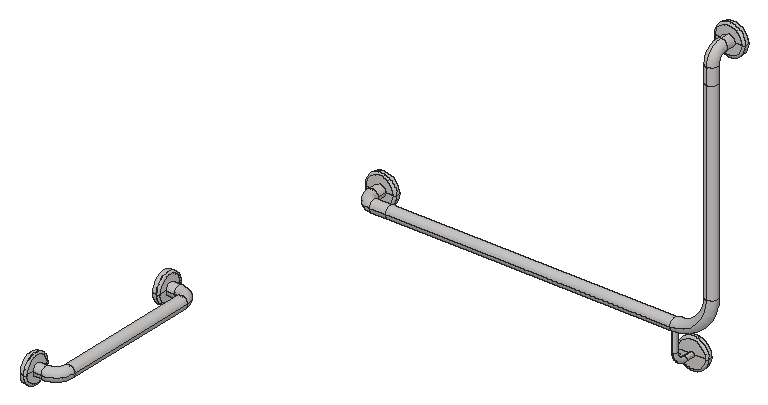
Revit family "rba-bim-rba4090-345", category Plumbing Fixtures, Revit 2016
Family settings
  Part Type = Normal
  Round Connector Dimension = Use Diameter
  Work Plane-Based = No
  Always vertical = No
  Cut with Voids When Loaded = No
  Shared = No
  Room Calculation Point = No
Parameters (values of type "RBA4090-345")
  Watermarked By = "www.rba.com.au"
  URL = "http://www.rba.com.au/accessible-disabled/grab-rails"
  Phone Number = "1300 788 778"
  OFFSET = 1000.00 mm
  Modified Issue = "20190806.01"
  Model = "RBA4090-345"
  Materials and Finishes = Stainless Steel, Satin Finish
  Manufacturer Model = ""
  Manufacturer = "RBA Group"
  Distance Away from Wall [instance] = 100.00 mm
  Distance Away from Toilet [instance] = 1090.00 mm
  Description = "90° WC Grab Rail Set - Left Hand, 450 Straight"
  Copyrighted by = "RBA Group"  # constant formula
  Assembly Code = ""
Reference planes
  plane 1 "Center (Front/Back)": y = 0
  plane 2: z = 0
  plane 3: x = 40.5
  plane 4: z = 1000
  plane 5: z = 1700
  plane 6: z = 900
  plane 7: x = -59.5
  plane 8: x = -909.5
  plane 9: x = -1009.5
  plane 10: y = -57
  plane 11: y = -89
  plane 12: y = -1090
  plane 13: y = -1074
  plane 14: x = -920.5
  plane 15: x = -952.5
  plane 16: x = 24.5
  plane 17: z = 1016
Dimensions and locks
  "OFFSET": plane 4 to plane 2
  locked: plane 10 to plane 1 "Center (Front/Back)" at 57
  locked: plane 1 "Center (Front/Back)" to plane 11 at 89
  "Distance Away from Wall": plane 9 to plane 8
  locked: plane 13 to plane 12 at 16
  "Distance Away from Toilet": plane 1 "Center (Front/Back)" to plane 12
  plane 8 to plane 14 to plane 9 = 11.00 mm, 89.00 mm
  aligned and locked: plane 3 to nested 1
  aligned and locked: plane 4 to nested 1
  aligned and locked: nested 2 to plane 9
  aligned and locked: plane 13 to nested 2
  aligned and locked: nested 2 to plane 4
Nested families
  nested 1: "rba-bim-rba4090-901" at (-950, 0, 1000), type "RBA4090-901"
  nested 2: "rba-bim-rba4000-000" at (-1009.5, -2002, 1000) x (0, 1, 0) z (0, 0, 1), type "RBA4000-045"
Definition of nested family "rba-bim-rba4090-901"
  Parameters (values of type "RBA4090-901")
    Watermarked By = "www.rba.com.au"
    URL = "http://www.rba.com.au/accessible-disabled/grab-rails"
    R_Void [instance] = 15.00 mm
    R [instance] = 0.00 mm
    Phone Number = "1300 788 778"
    Model = "RBA4090-901"
    Manufacturer Model = "B819436"
    Manufacturer = "Bobrick"
    Description = "90° Angled Grab Rails"
    Copyrighted by = "RBA Group"  # constant formula
    BAR = none
    Assembly Code = ""
  Reference planes
    plane 1 "Center (Front/Back)": y = 0
    plane 2: z = 0
    plane 3: x = 40.5
    plane 4: z = -30
    plane 5: z = 30
    plane 6: x = 70.5
    plane 7: x = 10.5
    plane 8: x = 990.5
    plane 9: x = 515.5
    plane 10: z = 670
    plane 11: z = 730
    plane 12: x = 960.5
    plane 13: x = 1020.5
    plane 14: z = 700
    plane 15: z = -130
    plane 16: z = -70
    plane 17: x = 920.5
    plane 18: x = 860.5
    plane 19: x = 890.5
    plane 20: z = -100
  Forms (mm)
    Extrusion 1, solid
      sketch origin (40.5, -2.628, 315.907) x (0, 0, -1) y (-1, 0, 0)
        loop
          circle (315.907, 0) r 40
      from -0.219 to 2.628
    Revolve 2, solid
      sketch origin (40.5, 18.663, 0) x (0, -1, 0) y (1, 0, 0)
        loop
          line (18.663, 0) -> (18.663, -41.5) -> (27.844, -41.5)
          arc (27.844, -41.5) -> (31.337, -40.077) -> (32.842, -36.617) r 5
          line (32.842, -36.617) -> (33.701, 0) -> (18.663, 0)
        axis (18.663, 0) -> (33.701, 0)
      angle from 0 to 360
    Extrusion 3, void
      sketch origin (40.5, 34.941, 315.907) x (0, 0, -1) y (-1, 0, 0)
        loop
          circle (315.907, -30) r 5
        loop
          circle (315.907, 30) r 5
      from -37.788 to -30
    Sweep 4, solid
      path origin (40.5, 9.454, 0) x (0, -1, 0) y (-1, 0, 0)
        loop
          line (12.302, 0) -> (50.454, 0)
          arc (50.454, 0) -> (73.082, -9.373) -> (82.454, -32) r 32
          line (82.454, -32) -> (82.454, -76)
      profile origin (40.5, -21.924, 0) x (1, 0, 0) y (0, 0, 1)
        loop
          circle (0, 0) r 16
    Extrusion 5, solid
      sketch origin (990.5, -2.628, 1015.907) x (0, 0, -1) y (-1, 0, 0)
        loop
          circle (315.907, 0) r 40
      from -0.219 to 2.628
    Extrusion 6, void
      sketch origin (990.5, 34.941, 1015.907) x (0, 0, -1) y (-1, 0, 0)
        loop
          circle (315.907, 30) r 5
        loop
          circle (315.907, -30) r 5
      from -37.788 to -30
    Sweep 7, solid
      path origin (1690.5, 9.454, 700) x (0, -1, 0) y (0, 0, 1)
        loop
          line (12.302, 0) -> (50.454, 0)
          arc (50.454, 0) -> (73.082, -9.373) -> (82.454, -32) r 32
          line (82.454, -32) -> (82.454, -76)
      profile origin (1690.5, -21.924, 700) x (0, 0, 1) y (-1, 0, 0)
        loop
          circle (0, 700) r 16
    Revolve 8, solid
      sketch origin (990.5, 18.663, 700) x (0, -1, 0) y (1, 0, 0)
        loop
          line (18.663, 0) -> (33.701, 0) -> (32.842, 36.617)
          arc (32.842, 36.617) -> (31.337, 40.077) -> (27.844, 41.5) r 5
          line (27.844, 41.5) -> (18.663, 41.5) -> (18.663, 0)
        axis (18.663, 0) -> (33.701, 0)
      angle from 0 to 360
    Sweep 9, solid
      path origin (0, 0, 0) x (1, 0, 0) y (0, 0, 1)
        loop
          line (116.5, 0) -> (890.5, 0)
          arc (890.5, 0) -> (961.211, 29.289) -> (990.5, 100) r 100
          line (990.5, 100) -> (990.5, 624)
      profile origin (503.5, 0, 0) x (0, 0, 1) y (0, -1, 0)
        loop
          circle (0, 73) r 16
    Extrusion 10, solid
      sketch origin (890.5, -2.628, 215.907) x (0, 0, -1) y (-1, 0, 0)
        loop
          circle (315.907, 0) r 40
      from -0.219 to 2.628
    Revolve 11, solid
      sketch origin (890.5, 18.663, -100) x (0, -1, 0) y (1, 0, 0)
        loop
          line (18.663, 0) -> (18.663, -41.5) -> (27.844, -41.5)
          arc (27.844, -41.5) -> (31.337, -40.077) -> (32.842, -36.617) r 5
          line (32.842, -36.617) -> (33.701, 0) -> (18.663, 0)
        axis (18.663, 0) -> (33.701, 0)
      angle from 0 to 360
    Sweep 12, solid
      path origin (890.5, 9.454, -100) x (0, -1, 0) y (0, 0, -1)
        loop
          line (12.302, 0) -> (50.454, 0)
          arc (50.454, 0) -> (73.082, -9.373) -> (82.454, -32) r 32
          line (82.454, -32) -> (82.454, -100)
      profile origin (890.5, -21.924, -100) x (0, 0, -1) y (1, 0, 0)
        loop
          circle (0, 0) r 6
    Extrusion 13, void
      sketch origin (890.5, 34.941, 215.907) x (0, 0, -1) y (-1, 0, 0)
        loop
          circle (315.907, -30) r 5
        loop
          circle (315.907, 30) r 5
      from -37.788 to -30
  Cuts and joins
    Extrusion 3, Extrusion 6, Extrusion 13 cuts Extrusion 1
    Extrusion 3, Extrusion 6, Extrusion 13 cuts Revolve 2
    Extrusion 13 cuts Sweep 4
    Extrusion 6 cuts Revolve 8
    Extrusion 13 cuts Revolve 11
    joined: Revolve 2, Sweep 4, Sweep 7, Revolve 8, Sweep 9, Revolve 11, Sweep 12
    Extrusion 6 cuts Extrusion 5
    Extrusion 13 cuts Extrusion 10
  Dimensions and locks
    Revolve 2 sketch curve to Revolve 2 sketch curve = 41.50 mm
    plane 5 to level to plane 4 = 30.00 mm, 30.00 mm
    plane 7 to plane 6 = 60.00 mm
    plane 11 to plane 10 = 60.00 mm
    plane 12 to plane 13 = 60.00 mm
    Revolve 8 sketch curve to Revolve 8 sketch curve = 41.50 mm
    Revolve 11 sketch curve to Revolve 11 sketch curve = 41.50 mm
    plane 16 to plane 15 = 60.00 mm
    plane 18 to plane 17 = 60.00 mm
    level to plane 20 = 100.00 mm
    plane 14 to level = 700.00 mm
    plane 8 to plane 19 = 100.00 mm
    plane 8 to plane 3 = 950.00 mm
    radius of Extrusion 1 sketch curve = 40.00 mm
    radius of Sweep 4 sketch curve = 16.00 mm
    radius of Extrusion 5 sketch curve = 40.00 mm
    radius of Sweep 7 sketch curve = 16.00 mm
    radius of Extrusion 10 sketch curve = 40.00 mm
    radius of Sweep 12 sketch curve = 6.00 mm
    aligned and locked: Revolve 2 to Extrusion 1
    aligned and locked: Revolve 11 to Extrusion 10
Definition of nested family "rba-bim-rba4000-000"
  Parameters (values of type "RBA4000-045")
    Watermarked By = "www.rba.com.au"
    URL = "http://www.rba.com.au/accessible-disabled/grab-rails"
    Length of Rail = 450.00 mm
    Phone Number = "1300 788 778"
    Model = "RBA4110-923"
    Manufacturer = "RBA GROUP"
    Description = "90deg Angled Shower Grab Rail"
    Default Elevation = 1219.20 mm
    Copyrighted By = "RBA Group"  # constant formula
    BAR = none
    Assembly Code = ""
  Reference planes
    plane 1 "Center (Front/Back)": y = 0
    plane 2: x = 928
    plane 3: x = 1378
    plane 4: z = 0
    plane 5: through (1334.776, 25.441, -51.059) normal (-0.515, 0, 0.8572)
    plane 6: through (1450.22, 25.441, 99.629) normal (0.8572, 0, 0.515)
    plane 7: through (1403.075, 25.441, 71.301) normal (0.8572, 0, 0.515)
    plane 8: y = -89
    plane 9: y = -57
  Forms (mm)
    Sweep 1, solid
      path origin (1651.954, -750, 0) x (-1, 0, 0) y (0, -1, 0)
        loop
          line (723.954, -740) -> (723.954, -711)
          arc (723.954, -711) -> (713.996, -686.958) -> (689.954, -677) r 34
          line (689.954, -677) -> (305.954, -677)
          arc (305.954, -677) -> (283.327, -686.373) -> (273.954, -709) r 32
          line (273.954, -709) -> (273.954, -740)
      profile origin (1154, -73, 0) x (0, 1, 0) y (0, 0, 1)
        loop
          circle (0, 0) r 16
    Extrusion 2, solid
      sketch origin (640.5, -2.628, 315.907) x (0, 0, -1) y (-1, 0, 0)
        loop
          circle (315.907, -287.5) r 37.5
      from -7.372 to 2.628
    Revolve 3, solid
      sketch origin (640.5, 18.663, 0) x (0, -1, 0) y (1, 0, 0)
        loop
          line (18.663, 287.5) -> (33.818, 287.5) -> (33.018, 321.617)
          arc (33.018, 321.617) -> (31.513, 325.077) -> (28.02, 326.5) r 5
          line (28.02, 326.5) -> (18.663, 326.5) -> (18.663, 287.5)
        axis (18.663, 287.5) -> (33.818, 287.5)
      angle from 0 to 360
    Extrusion 4, void
      sketch origin (215.296, 34.941, 270.785) x (0.515038, 0, -0.857167) y (-0.857167, 0, -0.515038)
        loop
          circle (597.166, -498.868) r 5
        loop
          circle (599.178, -443.942) r 5
      from -46.533 to -34.941
    Extrusion 5, solid
      sketch origin (1315.5, -2.628, 315.907) x (0, 0, -1) y (-1, 0, 0)
        loop
          circle (315.907, -62.5) r 37.5
      from -7.372 to 2.628
    Revolve 6, solid
      sketch origin (1315.5, 18.663, 0) x (0, -1, 0) y (1, 0, 0)
        loop
          line (18.663, 62.5) -> (36.046, 62.5) -> (35.246, 96.617)
          arc (35.246, 96.617) -> (33.742, 100.077) -> (30.248, 101.5) r 5
          line (30.248, 101.5) -> (18.663, 101.5) -> (18.663, 62.5)
        axis (18.663, 62.5) -> (36.046, 62.5)
      angle from 0 to 360
    Extrusion 7, void
      sketch origin (1315.296, 34.941, 270.785) x (0.515038, 0, -0.857167) y (-0.857167, 0, -0.515038)
        loop
          circle (264.403, 58.217) r 5
        loop
          circle (264.403, 113.217) r 5
      from -44.941 to -34.941
    Extrusion 8, void
      sketch origin (978, 0, 1415.907) x (0, 0, 1) y (-1, 0, 0)
        loop
          circle (-1430.457, -424.215) r 5
        loop
          circle (-1401.357, -375.785) r 5
        loop
          circle (-1444.157, -400) r 5
      from 0 to 5
    Extrusion 9, void
      sketch origin (815.5, 0, 1415.907) x (0, 0, 1) y (-1, 0, 0)
        loop
          circle (-1430.457, -136.715) r 5
        loop
          circle (-1444.157, -112.5) r 5
        loop
          circle (-1401.357, -88.285) r 5
      from 0 to 5
  Cuts and joins
    Extrusion 4, Extrusion 9 cuts Extrusion 2
    Extrusion 4, Extrusion 9 cuts Revolve 3
    Extrusion 7, Extrusion 8 cuts Revolve 6
    joined: Sweep 1, Revolve 3, Revolve 6
    Extrusion 7, Extrusion 8 cuts Extrusion 5
  Dimensions and locks
    locked: Revolve 3 sketch curve to Revolve 3 sketch curve at 39
    locked: Revolve 6 sketch curve to Revolve 6 sketch curve at 39
    plane 7 to plane 6 = 55.00 mm
    locked: plane 3 to Extrusion 5 sketch curve
    locked: Extrusion 5 sketch curve to plane 4
    locked: Extrusion 8 sketch curve to plane 3 at 24.215
    locked: Extrusion 8 sketch curve to plane 4 at 14.55
    locked: plane 3 to Extrusion 7 sketch curve at 23.572
    locked: Extrusion 7 sketch curve to plane 4 at 14.164
    plane 1 "Center (Front/Back)" to Revolve 6 sketch curve = 17.383 mm
    locked: Extrusion 2 sketch curve to plane 2
    locked: Extrusion 2 sketch curve to plane 4 at 0
    locked: plane 2 to Extrusion 9 sketch curve at 24.215
    locked: plane 4 to Extrusion 9 sketch curve at 14.55
    locked: Extrusion 8 sketch curve to plane 3 at 0
    locked: plane 3 to Extrusion 8 sketch curve at 24.215
    locked: Extrusion 8 sketch curve to plane 4 at 28.25
    locked: plane 4 to Extrusion 8 sketch curve at 14.55
    locked: plane 4 to Extrusion 7 sketch curve at 14.164
    locked: Extrusion 7 sketch curve to plane 3 at 23.572
    locked: Revolve 6 sketch curve to plane 3 at 34.117
    plane 1 "Center (Front/Back)" to Revolve 6 sketch curve = 16.583 mm
    locked: plane 1 "Center (Front/Back)" to plane 9 at 57
    locked: plane 1 "Center (Front/Back)" to plane 8 at 89
    locked: level to Sweep 1 sketch curve at 0
    equal spacing: plane 9, profile plane, plane 8
    equal spacing: plane 8, Sweep 1 sketch curve, plane 9
    "Length of Rail": plane 3 to plane 2
    radius of Sweep 1 sketch curve = 16.00 mm
    aligned and locked: Extrusion 2 to Revolve 3
    aligned and locked: Extrusion 5 to Revolve 6
    aligned and locked: Extrusion 2 to Extrusion 4
    aligned and locked: Extrusion 5 to Extrusion 7
    aligned and locked: Sweep 1 to Extrusion 7
    aligned and locked: plane 3 to Sweep 1 sketch curve
    aligned and locked: cut or joined group of Extrusion 5, Extrusion 7, Extrusion 8 to Sweep 1 sketch curve
    aligned and locked: Sweep 1 sketch curve to plane 2
    aligned and locked: cut or joined group of Extrusion 2, Extrusion 4, Extrusion 9 to Sweep 1 sketch curve
    aligned and locked: Revolve 3 sketch curve to plane 2  (x2)
  Automatic sketch dimensions
    Sweep 1 sketch curve to plane 9 = 16.00 mm
    Sweep 1 sketch curve to plane 9 = 18.00 mm
    Sweep 1 sketch curve to profile plane = 0.00 mm
    plane 1 "Center (Front/Back)" to Revolve 3 sketch curve = 0.00 mm
    plane 1 "Center (Front/Back)" to Revolve 3 sketch curve = 9.356 mm
    Revolve 3 sketch curve to Revolve 3 sketch curve = 4.999 mm
    plane 1 "Center (Front/Back)" to Revolve 3 sketch curve = 15.155 mm
    Revolve 3 sketch curve to Revolve 3 sketch curve = 5.00 mm
    Revolve 3 sketch curve to Revolve 3 sketch curve = 21.537 mm
    Revolve 3 sketch curve to plane 9 = 13.537 mm
    level to Extrusion 4 sketch curve = 15.85 mm
    plane 2 to Extrusion 4 sketch curve = 22.473 mm
    Extrusion 4 sketch curve to Extrusion 4 sketch curve = 2.012 mm
    Extrusion 4 sketch curve to Extrusion 4 sketch curve = 54.926 mm
    Revolve 6 sketch curve to plane 3 = 0.00 mm  (x2)
    plane 1 "Center (Front/Back)" to Revolve 6 sketch curve = 0.00 mm
    Revolve 6 sketch curve to Revolve 6 sketch curve = 4.999 mm
    Revolve 6 sketch curve to plane 1 "Center (Front/Back)" = 21.537 mm
    Revolve 6 sketch curve to plane 9 = 13.537 mm
    Extrusion 9 sketch curve to plane 2 = 0.00 mm
    Extrusion 9 sketch curve to level = 14.55 mm
    Extrusion 9 sketch curve to Extrusion 9 sketch curve = 13.70 mm
    plane 2 to Extrusion 9 sketch curve = 24.215 mm
    radius of Extrusion 2 sketch curve = 37.50 mm
    radius of Extrusion 4 sketch curve = 5.00 mm  (x2)
    radius of Extrusion 5 sketch curve = 37.50 mm
    radius of Extrusion 7 sketch curve = 5.00 mm  (x2)
    radius of Extrusion 8 sketch curve = 5.00 mm  (x3)
    radius of Extrusion 9 sketch curve = 5.00 mm  (x3)
  Nested families
    nested 1: "FamilyID" at (1.5, 0, 0), type "FamilyID"
  Definition of nested family "FamilyID"
    Reference planes
      plane 1: y = 0
      plane 2: x = 0
    Text (mm)
      text "RBA COPYRIGHT" at (0.001, 0.001, 0)
